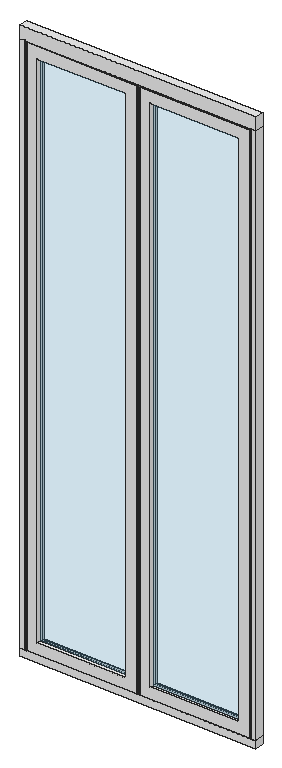
Revit family "Window-NanaWall-SL-45", category Windows, host Wall, Revit 2013 (continued)
Definition of nested family "Header_SL-45"
  Definition of nested family "Header_Nana_Walls-S45"
    Lines and regions (in)
      model lines, style "DetailComponents", in view "Ref. Level", visible <- "Half"
        curve 307: line (0.36221, -4.11417, 0) -> (0.34646, -4.11417, 0)
        curve 308: line (0.64961, -4.18898, 0) -> (0.64961, -4.05906, 0)
        curve 309: line (0.88583, -2.79528, 0) -> (0.88583, -4.17323, 0)
        curve 310: line (0.88583, -4.17323, 0) -> (0.83858, -4.17323, 0)
        curve 311: line (0.83858, -4.17323, 0) -> (0.83858, -4.18898, 0)
        curve 312: line (0.83858, -4.18898, 0) -> (0.68898, -4.18898, 0)
        curve 313: line (0.68898, -4.18898, 0) -> (0.68898, -4.10164, 0)
        curve 314: line (0.37469, -4.05034, 0) -> (0.33726, -4.09495, 0)
        curve 315: line (0.40158, -4.04331, 0) -> (0.38977, -4.04331, 0)
        curve 316: line (0.69128, -4.09607, 0) -> (0.70205, -4.0853, 0)
        curve 317: line (0.67649, -4.04792, 0) -> (0.70205, -4.07348, 0)
        curve 318: line (0.53937, -4.53543, 0) -> (0.53937, -4.90551, 0)
        curve 319: line (0.53937, -4.90551, 0) -> (0.83071, -4.90551, 0)
        curve 320: line (0.83071, -4.90551, 0) -> (0.83071, -4.23622, 0)
        curve 321: line (0.83071, -4.23622, 0) -> (0.69685, -4.23622, 0)
        curve 322: line (0.37402, -4.87402, 0) -> (0.37402, -4.96063, 0)
        curve 323: line (0.37402, -4.96063, 0) -> (0.88583, -4.96063, 0)
        curve 324: line (0.88583, -4.96063, 0) -> (0.88583, -4.17323, 0)
        curve 325: line (0.38583, -4.8622, 0) -> (0.41339, -4.8622, 0)
        curve 326: line (0.41339, -4.8622, 0) -> (0.41339, -4.90551, 0)
        curve 327: line (0.41339, -4.90551, 0) -> (0.49213, -4.90551, 0)
        curve 328: line (0.49213, -4.90551, 0) -> (0.49213, -4.53543, 0)
        curve 329: line (0.49213, -4.53543, 0) -> (0.41339, -4.53543, 0)
        curve 330: line (0.41339, -4.53543, 0) -> (0.41339, -4.58268, 0)
        curve 331: line (0.41339, -4.58268, 0) -> (0.38583, -4.58268, 0)
        curve 332: line (0.37402, -4.57087, 0) -> (0.37402, -4.25225, 0)
        curve 439: line (-0.30315, -3.23622, 0) -> (0.30315, -3.23622, 0)
        curve 440: line (-0.51181, -3.9685, 0) -> (-0.16535, -3.9685, 0)
        curve 441: line (-0.16535, -3.9685, 0) -> (-0.05329, -4.08057, 0)
        curve 442: line (-0.48031, -4.11417, 0) -> (-0.5315, -4.11417, 0)
        curve 443: line (-0.5315, -4.11417, 0) -> (-0.5315, -3.98819, 0)
        curve 444: line (-0.565, -4.1558, 0) -> (-0.58661, -3.9685, 0)
        curve 445: line (-0.58661, -3.9685, 0) -> (-0.8189, -3.9685, 0)
        curve 446: line (-0.8189, -3.9685, 0) -> (-0.8189, -4.49606, 0)
        curve 447: line (-0.8189, -4.49606, 0) -> (-0.74803, -4.49606, 0)
        curve 448: line (-0.38021, -2.79509, 0) -> (-0.39343, -2.84442, 0)
        curve 449: line (-0.68924, -2.84442, 0) -> (-0.70241, -2.79528, 0)
        curve 450: line (-0.14837, -3.90157, 0) -> (-0.80709, -3.90157, 0)
        curve 451: line (-0.80709, -3.90157, 0) -> (-0.80709, -3.23622, 0)
        curve 452: line (-0.80709, -3.23622, 0) -> (-0.68898, -3.23622, 0)
        curve 453: line (-0.68898, -3.23622, 0) -> (-0.68898, -3.20866, 0)
        curve 454: line (-0.33465, -2.98819, 0) -> (-0.79528, -2.98819, 0)
        curve 455: line (-0.72835, -3.16929, 0) -> (-0.81496, -3.16929, 0)
        curve 456: line (-0.81496, -3.16929, 0) -> (-0.81496, -3.05512, 0)
        curve 457: line (-0.81496, -3.05512, 0) -> (-0.32283, -3.05512, 0)
        curve 458: line (-0.32283, -3.05512, 0) -> (-0.32283, -3.21654, 0)
        curve 459: line (-0.81496, -2.9685, 0) -> (-0.81496, -2.85433, 0)
        curve 460: line (-0.81496, -2.85433, 0) -> (-0.69685, -2.85433, 0)
        curve 461: line (-0.38583, -2.85433, 0) -> (-0.31496, -2.85433, 0)
        curve 462: line (-0.31496, -2.85433, 0) -> (-0.31496, -2.9685, 0)
        curve 463: line (-0.25591, -2.81496, 0) -> (-0.25591, -3.14961, 0)
        curve 464: line (-0.88583, -2.79528, 0) -> (-0.88583, -4.96063, 0)
        curve 465: line (-0.88583, -4.96063, 0) -> (-0.70866, -4.96063, 0)
        curve 466: line (-0.70866, -4.96063, 0) -> (-0.70866, -4.8622, 0)
        curve 467: line (-0.70866, -4.8622, 0) -> (-0.74803, -4.8622, 0)
        curve 468: line (-0.74803, -4.8622, 0) -> (-0.74803, -4.90157, 0)
        curve 469: line (-0.74803, -4.90157, 0) -> (-0.82677, -4.90157, 0)
        curve 470: line (-0.82677, -4.90157, 0) -> (-0.82677, -4.54331, 0)
        curve 471: line (-0.82677, -4.54331, 0) -> (-0.74803, -4.54331, 0)
        curve 472: line (-0.74803, -4.54331, 0) -> (-0.74803, -4.58268, 0)
        curve 473: line (-0.74803, -4.58268, 0) -> (-0.70866, -4.58268, 0)
        curve 474: line (-0.70866, -4.58268, 0) -> (-0.70866, -4.53543, 0)
        curve 475: line (-0.54545, -4.17323, 0) -> (-0.48588, -4.17323, 0)
        curve 476: line (-0.48588, -4.17323, 0) -> (-0.47271, -4.12409, 0)
        curve 477: line (-0.06721, -4.11417, 0) -> (-0.1063, -4.11417, 0)
        curve 478: line (0.82677, -3.98819, 0) -> (0.82677, -4.11417, 0)
        curve 479: line (0.82677, -4.11417, 0) -> (0.69685, -4.11417, 0)
        curve 480: line (0.38583, -4.11417, 0) -> (0.32283, -4.11417, 0)
        curve 481: line (0.32283, -4.11417, 0) -> (0.32283, -3.98819, 0)
        curve 482: line (0.25197, -3.94094, 0) -> (0.25197, -4.10236, 0)
        curve 483: line (0.25197, -4.10236, 0) -> (0.06872, -4.10236, 0)
        curve 484: line (0.06872, -4.10236, 0) -> (-0.12053, -3.91311, 0)
        curve 485: line (0.68924, -2.84442, 0) -> (0.70241, -2.79528, 0)
        curve 486: line (0.38022, -2.79509, 0) -> (0.39343, -2.84442, 0)
        curve 487: line (0.68898, -3.20866, 0) -> (0.68898, -3.23622, 0)
        curve 488: line (0.68898, -3.23622, 0) -> (0.80709, -3.23622, 0)
        curve 489: line (0.80709, -3.23622, 0) -> (0.80709, -3.90157, 0)
        curve 490: line (0.80709, -3.90157, 0) -> (0.29134, -3.90157, 0)
        curve 491: line (0.34252, -3.9685, 0) -> (0.80709, -3.9685, 0)
        curve 492: line (0.33465, -2.98819, 0) -> (0.79528, -2.98819, 0)
        curve 493: line (0.72835, -3.16929, 0) -> (0.81496, -3.16929, 0)
        curve 494: line (0.81496, -3.16929, 0) -> (0.81496, -3.05512, 0)
        curve 495: line (0.81496, -3.05512, 0) -> (0.32283, -3.05512, 0)
        curve 496: line (0.32283, -3.05512, 0) -> (0.32283, -3.21654, 0)
        curve 497: line (0.25591, -2.81496, 0) -> (0.25591, -3.14961, 0)
        curve 498: line (0.23622, -3.16929, 0) -> (0.02046, -3.16929, 0)
        curve 499: line (0.02046, -3.16929, 0) -> (0, -3.1811, 0)
        curve 500: line (0, -3.1811, 0) -> (-0.02046, -3.16929, 0)
        curve 501: line (-0.02046, -3.16929, 0) -> (-0.23622, -3.16929, 0)
        curve 502: line (0.38583, -2.85433, 0) -> (0.31496, -2.85433, 0)
        curve 503: line (0.31496, -2.85433, 0) -> (0.31496, -2.9685, 0)
        curve 504: line (0.81496, -2.9685, 0) -> (0.81496, -2.85433, 0)
        curve 505: line (0.81496, -2.85433, 0) -> (0.69685, -2.85433, 0)
        curve 506: line (0.39343, -4.12409, 0) -> (0.38026, -4.17323, 0)
        curve 507: line (0.38026, -4.17323, 0) -> (0.03937, -4.17323, 0)
        curve 508: line (0.03937, -4.17323, 0) -> (0, -4.13386, 0)
        curve 509: line (0, -4.13386, 0) -> (-0.03937, -4.17323, 0)
        curve 510: line (-0.03937, -4.17323, 0) -> (-0.10074, -4.17323, 0)
        curve 511: line (-0.10074, -4.17323, 0) -> (-0.1139, -4.12409, 0)
        curve 512: line (0.68898, -4.12308, 0) -> (0.70241, -4.17323, 0)
Definition of nested family "Sill_SL-45"
  Parameters (values of type "Sill_SL-45")
    Width = 4' - 0"
    Sill = none
    Half = yes
    Assembly Code = ""
  Reference planes (in)
    plane 1 "Center (Front/Back)": y = 0
    plane 2: z = 0
    plane 3 "Center (Left/Right)": x = -7.30207
    plane 4 "Left": x = -31.30207
    plane 5 "Right": x = 16.69793
    plane 6 "Top": z = 0
  Forms (in)
    Sweep 1, solid, material <- "Sill"
      path origin (-67.09578, 180, 0) x (-1, 0, 0) y (0, -1, 0)
        loop
          line (-35.79371, 180) -> (-83.79371, 180)
      profile "Profile_Sill_SL-45 : Profile_Sill_SL-45" origin (-7.30207, 0, 0) x (0, 1, 0) y (0, 0, 1)
        loop
          line (0.88583, 0) -> (0.88583, 1.45669) -> (-0.88583, 1.45669) -> (-0.88583, 0) -> (0.88583, 0)
  Lines and regions (in)
    Masking region 1
      outline origin (0, 0, 0) x (1, 0, 0) y (0, 1, 0)
        loop
          line (-31.30207, 0.88583) -> (-31.30207, -0.88583) -> (16.69793, -0.88583) -> (16.69793, 0.88583) -> (-31.30207, 0.88583)
  Dimensions and locks (in)
    equal spacing: plane 4 "Left", plane 3 "Center (Left/Right)", plane 5 "Right"
    "Width": plane 4 "Left" to plane 5 "Right"
    aligned and locked: nested 1 to level
    aligned and locked: plane 1 "Center (Front/Back)" to nested 1
    aligned and locked: Masking region 1 sketch curve to plane 4 "Left"
    aligned and locked: Masking region 1 sketch curve to plane 5 "Right"
  Automatic sketch dimensions
    Sweep 1 sketch curve to plane 1 "Center (Front/Back)" = 0' - 0"
    Sweep 1 sketch curve to plane 5 "Right" = 0' - 0"
    Sweep 1 sketch curve to plane 4 "Left" = 0' - 0"
    Masking region 1 sketch curve to plane 1 "Center (Front/Back)" = 0' - 0.88583"
    plane 1 "Center (Front/Back)" to Masking region 1 sketch curve = 0' - 0.88583"
  Nested families (in)
    nested 1: "Sill-Nana_Walls-S45" at (-31.30207, 0, 0) x (0, -1, 0) z (-1, 0, 0), type "Sill-Nana_Walls-S45", detail levels fine
  Definition of nested family "Sill-Nana_Walls-S45"
    Parameters (values of type "Sill-Nana_Walls-S45")
      SmartBIM Object Version = 1  # constant formula
      SmartBIM Object Created By = "Reed Construction Data"  # constant formula
      Half = yes
      Assembly Code = ""
      95 CSI = ""
      04 CSI = ""
    Reference planes (in)
      plane 1 "Center (Front/Back)": y = 0
      plane 2: z = 0
      plane 3 "Center (Left/Right)": x = 0
    Lines and regions (in)
      model lines, style "DetailComponents", in view "Ref. Level", visible <- "Half"
        curve 1: arc (0.00591, 1.62696, 0) -> (0, 1.68078, 0) -> (-0.00591, 1.62696, 0) r 0.02723
        curve 2: arc (0.00587, 1.6186, 0) -> (0.00001, 1.68898, 0) -> (-0.00589, 1.6186, 0) r 0.03543
        curve 3: circle (0, 1.65354, 0) r 0.05906 normal (0, 0, 1)
        curve 4: arc (-0.00588, 1.61461, 0) -> (-0.00002, 1.61417, 0) -> (0.00585, 1.61461, 0) r 0.03937
        curve 6: line (0.28543, 1.29921, 0) -> (0.28543, 0.66929, 0)
        curve 7: line (0.28543, 0.66929, 0) -> (-0.28543, 0.66929, 0)
        curve 8: line (-0.28543, 0.66929, 0) -> (-0.28543, 1.29921, 0)
        curve 9: line (-0.23622, 0.66929, 0) -> (-0.19685, 0.62992, 0)
        curve 10: line (-0.19685, 0.62992, 0) -> (0.19685, 0.62992, 0)
        curve 11: line (0.19685, 0.62992, 0) -> (0.23622, 0.66929, 0)
        curve 12: line (0.3937, 1.37795, 0) -> (-0.3937, 1.37795, 0)
        curve 13: line (-0.09382, 1.65354, 0) -> (0.08733, 1.65354, 0)
        curve 14: line (-0.0689, 1.75197, 0) -> (0.0689, 1.75197, 0)
        curve 15: line (0.3937, 1.29921, 0) -> (-0.3937, 1.29921, 0)
        curve 16: line (-0.3937, 1.29921, 0) -> (-0.3937, 1.45669, 0)
        curve 17: line (-0.3937, 1.45669, 0) -> (-0.25591, 1.45669, 0)
        curve 18: line (-0.25591, 1.45669, 0) -> (-0.25591, 1.81102, 0)
        curve 19: line (-0.25591, 1.81102, 0) -> (-0.0689, 1.81102, 0)
        curve 20: line (-0.0689, 1.81102, 0) -> (-0.0689, 1.49606, 0)
        curve 21: line (-0.0689, 1.49606, 0) -> (0.0689, 1.49606, 0)
        curve 22: line (0.0689, 1.49606, 0) -> (0.0689, 1.81102, 0)
        curve 23: line (0.0689, 1.81102, 0) -> (0.25591, 1.81102, 0)
        curve 24: line (-0.15748, 1.81102, 0) -> (-0.15748, 1.83071, 0)
        curve 25: line (-0.12795, 1.81102, 0) -> (-0.12795, 1.83071, 0)
        curve 26: line (0.25591, 1.81102, 0) -> (0.25591, 1.45669, 0)
        curve 27: line (0.25591, 1.45669, 0) -> (0.3937, 1.45669, 0)
        curve 28: line (0.3937, 1.45669, 0) -> (0.3937, 1.29921, 0)
        curve 29: line (0.00591, 1.62696, 0) -> (0.00575, 1.59474, 0)
        curve 30: line (0.00575, 1.59474, 0) -> (-0.00584, 1.59474, 0)
        curve 31: line (-0.00584, 1.59474, 0) -> (-0.00591, 1.62696, 0)
        curve 32: line (0.12795, 1.81102, 0) -> (0.12795, 1.83071, 0)
        curve 33: line (0.15748, 1.81102, 0) -> (0.15748, 1.83071, 0)
        curve 34: arc (0.23763, 3.12385, 0) -> (0.25246, 3.09338, 0) -> (0.28249, 3.1091, 0) r 0.02362
        curve 35: arc (0.30969, 3.32317, 0) -> (0.30337, 3.373, 0) -> (0.25925, 3.39701, 0) r 0.05512
        curve 36: arc (0.25925, 3.44424, 0) -> (0.23622, 3.42063, 0) -> (0.25925, 3.39701, 0) r 0.02362
        curve 37: arc (0.25925, 3.44424, 0) -> (0.33888, 3.50499, 0) -> (0.30609, 3.59963, 0) r 0.08543
        curve 38: arc (0.27781, 3.70189, 0) -> (0.23892, 3.68056, 0) -> (0.25133, 3.63797, 0) r 0.03543
        curve 39: arc (-0.65062, 3.47815, 0) -> (-0.6138, 3.47974, 0) -> (-0.5779, 3.48802, 0) r 0.20101
        curve 40: arc (-0.59882, 3.68846, 0) -> (-0.65385, 3.66895, 0) -> (-0.70207, 3.63603, 0) r 0.22677
        curve 41: arc (-0.65062, 3.47815, 0) -> (-0.66515, 3.47274, 0) -> (-0.67126, 3.45849, 0) r 0.01969
        curve 42: arc (-0.75655, 3.40748, 0) -> (-0.76545, 3.44384, 0) -> (-0.79013, 3.47198, 0) r 0.07874
        curve 43: arc (-0.70079, 3.2126, 0) -> (-0.67929, 3.22204, 0) -> (-0.67126, 3.24409, 0) r 0.02987
        curve 44: arc (-0.79013, 3.30361, 0) -> (-0.76545, 3.33175, 0) -> (-0.75655, 3.36811, 0) r 0.07874
        curve 45: arc (-0.79968, 3.29692, 0) -> (-0.808, 3.28251, 0) -> (-0.80231, 3.26688, 0) r 0.01969
        curve 46: arc (-0.80231, 3.50871, 0) -> (-0.808, 3.49308, 0) -> (-0.79968, 3.47867, 0) r 0.01969
        curve 47: arc (-0.70207, 3.63603, 0) -> (-0.70679, 3.62971, 0) -> (-0.70865, 3.62205, 0) r 0.01969
        curve 48: arc (-0.55118, 3.64997, 0) -> (-0.56581, 3.68059, 0) -> (-0.59882, 3.68846, 0) r 0.03937
        curve 49: arc (-0.5779, 3.48802, 0) -> (-0.55855, 3.50237, 0) -> (-0.55118, 3.5253, 0) r 0.03937
        curve 50: line (0.27781, 3.70189, 0) -> (0.42126, 3.6766, 0)
        curve 51: line (0.42126, 3.6766, 0) -> (0.45276, 3.62205, 0)
        curve 52: line (0.45276, 3.62205, 0) -> (0.37402, 3.62205, 0)
        curve 53: line (0.37402, 3.62205, 0) -> (0.37402, 3.52362, 0)
        curve 54: line (0.30609, 3.59963, 0) -> (0.25133, 3.63797, 0)
        curve 55: line (0.37402, 3.52362, 0) -> (0.40551, 3.52362, 0)
        curve 56: line (0.40551, 3.52362, 0) -> (0.28249, 3.1091, 0)
        curve 57: line (0.23763, 3.12385, 0) -> (0.30969, 3.32317, 0)
        curve 58: line (-0.80231, 3.26688, 0) -> (-0.74803, 3.2126, 0)
        curve 59: line (-0.74803, 3.2126, 0) -> (-0.74803, 3.24409, 0)
        curve 60: line (-0.74803, 3.24409, 0) -> (-0.70866, 3.24409, 0)
        curve 61: line (-0.70866, 3.24409, 0) -> (-0.70866, 3.2126, 0)
        curve 62: line (-0.70866, 3.2126, 0) -> (-0.70079, 3.2126, 0)
        curve 63: line (-0.79013, 3.30361, 0) -> (-0.79968, 3.29692, 0)
        curve 64: line (-0.75655, 3.40748, 0) -> (-0.75655, 3.36811, 0)
        curve 65: line (-0.67126, 3.24409, 0) -> (-0.67126, 3.45849, 0)
        curve 66: line (-0.70866, 3.62205, 0) -> (-0.70866, 3.52362, 0)
        curve 67: line (-0.70866, 3.52362, 0) -> (-0.74803, 3.52362, 0)
        curve 68: line (-0.74803, 3.52362, 0) -> (-0.74803, 3.56299, 0)
        curve 69: line (-0.74803, 3.56299, 0) -> (-0.80231, 3.50871, 0)
        curve 70: line (-0.79968, 3.47867, 0) -> (-0.79013, 3.47198, 0)
        curve 71: line (-0.55118, 3.64997, 0) -> (-0.55118, 3.5253, 0)
        curve 72: line (0.49013, 1.55118, 0) -> (0.47753, 1.13426, 0)
        curve 73: line (0.52163, 1.55118, 0) -> (0.50767, 1.08558, 0)
        curve 74: line (0.54131, 1.55118, 0) -> (0.54131, 1.07656, 0)
        curve 75: line (0.561, 1.55118, 0) -> (0.57578, 1.05918, 0)
        curve 76: line (0.59249, 1.55118, 0) -> (0.6074, 1.05071, 0)
        curve 77: line (0.624, 1.55118, 0) -> (0.63891, 1.05041, 0)
        curve 78: line (0.45862, 1.55118, 0) -> (0.44696, 1.16545, 0)
        curve 79: line (0.39368, 1.55118, 0) -> (0.42123, 1.55118, 0)
        curve 80: line (0.42123, 1.55118, 0) -> (0.68895, 1.55118, 0)
        curve 81: line (0.68895, 1.55118, 0) -> (0.68895, 1.60236, 0)
        curve 82: line (0.68895, 1.60236, 0) -> (0.39368, 1.60236, 0)
        curve 83: line (0.39368, 1.60236, 0) -> (0.39368, 1.55118, 0)
        curve 84: line (-0.49013, 1.55118, 0) -> (-0.47753, 1.13426, 0)
        curve 85: line (-0.52163, 1.55118, 0) -> (-0.50767, 1.08558, 0)
        curve 86: line (-0.54131, 1.55118, 0) -> (-0.54131, 1.07656, 0)
        curve 87: line (-0.561, 1.55118, 0) -> (-0.57578, 1.05918, 0)
        curve 88: line (-0.59249, 1.55118, 0) -> (-0.6074, 1.05071, 0)
        curve 89: line (-0.624, 1.55118, 0) -> (-0.63891, 1.05041, 0)
        curve 90: line (-0.45862, 1.55118, 0) -> (-0.44696, 1.16545, 0)
        curve 91: line (-0.39368, 1.55118, 0) -> (-0.42123, 1.55118, 0)
        curve 92: line (-0.42123, 1.55118, 0) -> (-0.68895, 1.55118, 0)
        curve 93: line (-0.68895, 1.55118, 0) -> (-0.68895, 1.60236, 0)
        curve 94: line (-0.68895, 1.60236, 0) -> (-0.39368, 1.60236, 0)
        curve 95: line (-0.39368, 1.60236, 0) -> (-0.39368, 1.55118, 0)
        curve 96: arc (0.37469, 2.71176, 0) -> (0.38145, 2.70657, 0) -> (0.38977, 2.70472, 0) r 0.01969
        curve 97: arc (0.34646, 2.77559, 0) -> (0.3358, 2.76888, 0) -> (0.33726, 2.75637, 0) r 0.01181
        curve 98: arc (0.40157, 2.70472, 0) -> (0.41549, 2.71049, 0) -> (0.42126, 2.72441, 0) r 0.01969
        curve 99: arc (0.64961, 2.72047, 0) -> (0.65933, 2.70592, 0) -> (0.67649, 2.70934, 0) r 0.01575
        curve 100: arc (0.70205, 2.7349, 0) -> (0.70472, 2.74081, 0) -> (0.70205, 2.74672, 0) r 0.00787
        curve 101: arc (0.36825, 2.89975, 0) -> (0.37252, 2.90613, 0) -> (0.37402, 2.91367, 0) r 0.01969
        curve 102: arc (0.36403, 2.89553, 0) -> (0.35977, 2.88914, 0) -> (0.35827, 2.88161, 0) r 0.01969
        curve 103: arc (0.38583, 3.24409, 0) -> (0.37748, 3.24064, 0) -> (0.37402, 3.23228, 0) r 0.01181
        curve 104: arc (0.49213, 3.14961, 0) -> (0.52553, 3.16344, 0) -> (0.53937, 3.19685, 0) r 0.04724
        curve 105: arc (0.69685, 2.89764, 0) -> (0.66344, 2.8838, 0) -> (0.64961, 2.85039, 0) r 0.04724
        curve 106: arc (0.37402, 3.53543, 0) -> (0.37748, 3.52708, 0) -> (0.38583, 3.52362, 0) r 0.01181
        curve 107: arc (0.71848, 1.51575, 0) -> (0.7324, 1.52151, 0) -> (0.73816, 1.53543, 0) r 0.01969
        curve 108: arc (0.6299, 1.48819, 0) -> (0.64143, 1.46035, 0) -> (0.66927, 1.44882, 0) r 0.03937
        curve 109: arc (0.66139, 1.55118, 0) -> (0.63912, 1.54196, 0) -> (0.6299, 1.51969, 0) r 0.0315
        curve 110: arc (0.73816, 1.61811, 0) -> (0.7324, 1.63203, 0) -> (0.71848, 1.6378, 0) r 0.01969
        curve 111: arc (0.34446, 1.53543, 0) -> (0.35023, 1.52151, 0) -> (0.36415, 1.51575, 0) r 0.01969
        curve 112: arc (0.41336, 1.44882, 0) -> (0.4412, 1.46035, 0) -> (0.45273, 1.48819, 0) r 0.03937
        curve 113: arc (0.45273, 1.51969, 0) -> (0.44351, 1.54196, 0) -> (0.42123, 1.55118, 0) r 0.0315
        curve 114: arc (0.36415, 1.6378, 0) -> (0.35023, 1.63203, 0) -> (0.34446, 1.61811, 0) r 0.01969
        curve 115: arc (-0.73816, 1.53543, 0) -> (-0.7324, 1.52151, 0) -> (-0.71848, 1.51575, 0) r 0.01969
        curve 116: arc (-0.66927, 1.44882, 0) -> (-0.64143, 1.46035, 0) -> (-0.6299, 1.48819, 0) r 0.03937
        curve 117: arc (-0.6299, 1.51969, 0) -> (-0.63912, 1.54196, 0) -> (-0.66139, 1.55118, 0) r 0.0315
        curve 118: arc (-0.71848, 1.6378, 0) -> (-0.7324, 1.63203, 0) -> (-0.73816, 1.61811, 0) r 0.01969
        curve 119: arc (-0.36415, 1.51575, 0) -> (-0.35023, 1.52151, 0) -> (-0.34446, 1.53543, 0) r 0.01969
        curve 120: arc (-0.45273, 1.48819, 0) -> (-0.4412, 1.46035, 0) -> (-0.41336, 1.44882, 0) r 0.03937
        curve 121: arc (-0.42123, 1.55118, 0) -> (-0.44351, 1.54196, 0) -> (-0.45273, 1.51969, 0) r 0.0315
        curve 122: arc (-0.34446, 1.61811, 0) -> (-0.35023, 1.63203, 0) -> (-0.36415, 1.6378, 0) r 0.01969
        curve 189: arc (-0.27559, 1.45669, 0) -> (-0.26167, 1.46246, 0) -> (-0.25591, 1.47638, 0) r 0.01969
        curve 190: arc (-0.70241, 1.45669, 0) -> (-0.79412, 1.4626, 0) -> (-0.88583, 1.45669, 0) r 0.71502
        curve 191: arc (-0.27777, 1.45669, 0) -> (-0.32902, 1.4626, 0) -> (-0.38026, 1.45669, 0) r 0.22532
        curve 192: arc (-0.79528, 1.64961, 0) -> (-0.8092, 1.64384, 0) -> (-0.81496, 1.62992, 0) r 0.01969
        curve 193: arc (-0.68924, 1.50584, 0) -> (-0.6906, 1.51267, 0) -> (-0.69685, 1.51575, 0) r 0.00787
        curve 194: arc (-0.72835, 1.83071, 0) -> (-0.70051, 1.84224, 0) -> (-0.68898, 1.87008, 0) r 0.03937
        curve 195: arc (-0.30315, 1.89764, 0) -> (-0.31707, 1.89187, 0) -> (-0.32283, 1.87795, 0) r 0.01969
        curve 196: arc (-0.31496, 1.62992, 0) -> (-0.32073, 1.64384, 0) -> (-0.33465, 1.64961, 0) r 0.01969
        curve 197: arc (-0.38583, 1.51575, 0) -> (-0.39207, 1.51267, 0) -> (-0.39343, 1.50584, 0) r 0.00787
        curve 198: arc (-0.23622, 1.83071, 0) -> (-0.25014, 1.82494, 0) -> (-0.25591, 1.81102, 0) r 0.01969
        curve 199: arc (-0.5315, 2.64961, 0) -> (-0.52573, 2.63569, 0) -> (-0.51181, 2.62992, 0) r 0.01969
        curve 200: arc (-0.14837, 2.56299, 0) -> (-0.1333, 2.56599, 0) -> (-0.12053, 2.57452, 0) r 0.03937
        curve 201: arc (-0.74803, 3.15748, 0) -> (-0.72019, 3.16901, 0) -> (-0.70866, 3.19685, 0) r 0.03937
        curve 202: arc (-0.48031, 2.77559, 0) -> (-0.47407, 2.77867, 0) -> (-0.47271, 2.7855, 0) r 0.00787
        curve 203: arc (-0.54545, 2.83465, 0) -> (-0.55855, 2.82966, 0) -> (-0.565, 2.81722, 0) r 0.01969
        curve 204: arc (-0.1139, 2.7855, 0) -> (-0.11255, 2.77867, 0) -> (-0.1063, 2.77559, 0) r 0.00787
        curve 205: arc (-0.05329, 2.74199, 0) -> (-0.04902, 2.76344, 0) -> (-0.06721, 2.77559, 0) r 0.01969
        curve 206: arc (0.25591, 1.47638, 0) -> (0.26167, 1.46246, 0) -> (0.27559, 1.45669, 0) r 0.01969
        curve 207: arc (0.38026, 1.45669, 0) -> (0.32902, 1.4626, 0) -> (0.27777, 1.45669, 0) r 0.22532
        curve 208: arc (0.88583, 1.45669, 0) -> (0.79412, 1.4626, 0) -> (0.70241, 1.45669, 0) r 0.71502
        curve 209: arc (0.25591, 1.81102, 0) -> (0.25014, 1.82494, 0) -> (0.23622, 1.83071, 0) r 0.01969
        curve 210: arc (0.39343, 1.50584, 0) -> (0.39207, 1.51267, 0) -> (0.38583, 1.51575, 0) r 0.00787
        curve 211: arc (0.33465, 1.64961, 0) -> (0.32073, 1.64384, 0) -> (0.31496, 1.62992, 0) r 0.01969
        curve 212: arc (0.32283, 1.87795, 0) -> (0.31707, 1.89187, 0) -> (0.30315, 1.89764, 0) r 0.01969
        curve 213: arc (0.25197, 2.60236, 0) -> (0.2635, 2.57452, 0) -> (0.29134, 2.56299, 0) r 0.03937
        curve 214: arc (0.32283, 2.64961, 0) -> (0.3286, 2.63569, 0) -> (0.34252, 2.62992, 0) r 0.01969
        curve 215: arc (0.69685, 1.51575, 0) -> (0.6906, 1.51267, 0) -> (0.68924, 1.50584, 0) r 0.00787
        curve 216: arc (0.81496, 1.62992, 0) -> (0.8092, 1.64384, 0) -> (0.79528, 1.64961, 0) r 0.01969
        curve 217: arc (0.68898, 1.87008, 0) -> (0.70051, 1.84224, 0) -> (0.72835, 1.83071, 0) r 0.03937
        curve 218: arc (0.80709, 2.62992, 0) -> (0.82101, 2.63569, 0) -> (0.82677, 2.64961, 0) r 0.01969
        curve 219: arc (0.38583, 2.77559, 0) -> (0.39207, 2.77867, 0) -> (0.39343, 2.7855, 0) r 0.00787
        curve 220: arc (0.70241, 2.83465, 0) -> (0.79412, 2.82874, 0) -> (0.88583, 2.83465, 0) r 0.71502
        curve 221: arc (0.68898, 2.78346, 0) -> (0.69128, 2.7779, 0) -> (0.69685, 2.77559, 0) r 0.00787
        curve 222: line (0.49213, 3.14961, 0) -> (0.42126, 3.14961, 0)
        curve 223: line (0.42126, 3.14961, 0) -> (0.42126, 2.72441, 0)
        curve 224: line (0.35827, 2.88161, 0) -> (0.35827, 2.85039, 0)
        curve 225: line (0.35827, 2.85039, 0) -> (0.38189, 2.85039, 0)
        curve 226: line (0.38189, 2.85039, 0) -> (0.38189, 2.76378, 0)
        curve 227: line (0.38189, 2.76378, 0) -> (0.3622, 2.76378, 0)
        curve 228: line (0.3622, 2.76378, 0) -> (0.3622, 2.77559, 0)
        curve 229: line (0.3622, 2.77559, 0) -> (0.34646, 2.77559, 0)
        curve 230: line (0.64961, 2.85039, 0) -> (0.64961, 2.72047, 0)
        curve 231: line (0.88583, 1.45669, 0) -> (0.88583, 2.83465, 0)
        curve 232: line (0.88583, 2.83465, 0) -> (0.83858, 2.83465, 0)
        curve 233: line (0.83858, 2.83465, 0) -> (0.83858, 2.85039, 0)
        curve 234: line (0.83858, 2.85039, 0) -> (0.68898, 2.85039, 0)
        curve 235: line (0.68898, 2.85039, 0) -> (0.68898, 2.76306, 0)
        curve 236: line (0.37469, 2.71176, 0) -> (0.33726, 2.75637, 0)
        curve 237: line (0.40157, 2.70472, 0) -> (0.38977, 2.70472, 0)
        curve 238: line (0.69128, 2.75749, 0) -> (0.70205, 2.74672, 0)
        curve 239: line (0.67649, 2.70934, 0) -> (0.70205, 2.7349, 0)
        curve 240: line (0.53937, 3.19685, 0) -> (0.53937, 3.56693, 0)
        curve 241: line (0.53937, 3.56693, 0) -> (0.83071, 3.56693, 0)
        curve 242: line (0.83071, 3.56693, 0) -> (0.83071, 2.89764, 0)
        curve 243: line (0.83071, 2.89764, 0) -> (0.69685, 2.89764, 0)
        curve 244: line (0.37402, 3.53543, 0) -> (0.37402, 3.62205, 0)
        curve 245: line (0.37402, 3.62205, 0) -> (0.88583, 3.62205, 0)
        curve 246: line (0.88583, 3.62205, 0) -> (0.88583, 2.83465, 0)
        curve 247: line (0.38583, 3.52362, 0) -> (0.41339, 3.52362, 0)
        curve 248: line (0.41339, 3.52362, 0) -> (0.41339, 3.56693, 0)
        curve 249: line (0.41339, 3.56693, 0) -> (0.49213, 3.56693, 0)
        curve 250: line (0.49213, 3.56693, 0) -> (0.49213, 3.19685, 0)
        curve 251: line (0.49213, 3.19685, 0) -> (0.41339, 3.19685, 0)
        curve 252: line (0.41339, 3.19685, 0) -> (0.41339, 3.24409, 0)
        curve 253: line (0.41339, 3.24409, 0) -> (0.38583, 3.24409, 0)
        curve 254: line (0.37402, 3.23228, 0) -> (0.37402, 2.91367, 0)
        curve 255: line (0.71848, 1.6378, 0) -> (0.36415, 1.6378, 0)
        curve 256: line (0.42123, 1.55118, 0) -> (0.39368, 1.55118, 0)
        curve 257: line (0.39368, 1.55118, 0) -> (0.39368, 1.60236, 0)
        curve 258: line (0.39368, 1.60236, 0) -> (0.68895, 1.60236, 0)
        curve 259: line (0.68895, 1.60236, 0) -> (0.68895, 1.55118, 0)
        curve 260: line (0.68895, 1.55118, 0) -> (0.66139, 1.55118, 0)
        curve 261: line (0.73816, 1.61811, 0) -> (0.73816, 1.53543, 0)
        curve 262: line (0.71848, 1.51575, 0) -> (0.67911, 1.51575, 0)
        curve 263: line (0.67911, 1.51575, 0) -> (0.69704, 1.44882, 0)
        curve 264: line (0.69704, 1.44882, 0) -> (0.66927, 1.44882, 0)
        curve 265: line (0.6299, 1.51969, 0) -> (0.6299, 1.48819, 0)
        curve 266: line (0.34446, 1.53543, 0) -> (0.34446, 1.61811, 0)
        curve 267: line (0.41336, 1.44882, 0) -> (0.38558, 1.44882, 0)
        curve 268: line (0.38558, 1.44882, 0) -> (0.40352, 1.51575, 0)
        curve 269: line (0.40352, 1.51575, 0) -> (0.36415, 1.51575, 0)
        curve 270: line (0.45273, 1.48819, 0) -> (0.45273, 1.51969, 0)
        curve 271: line (-0.71848, 1.6378, 0) -> (-0.36415, 1.6378, 0)
        curve 272: line (-0.42123, 1.55118, 0) -> (-0.39368, 1.55118, 0)
        curve 273: line (-0.39368, 1.55118, 0) -> (-0.39368, 1.60236, 0)
        curve 274: line (-0.39368, 1.60236, 0) -> (-0.68895, 1.60236, 0)
        curve 275: line (-0.68895, 1.60236, 0) -> (-0.68895, 1.55118, 0)
        curve 276: line (-0.68895, 1.55118, 0) -> (-0.66139, 1.55118, 0)
        curve 277: line (-0.73816, 1.61811, 0) -> (-0.73816, 1.53543, 0)
        curve 278: line (-0.71848, 1.51575, 0) -> (-0.67911, 1.51575, 0)
        curve 279: line (-0.67911, 1.51575, 0) -> (-0.69704, 1.44882, 0)
        curve 280: line (-0.69704, 1.44882, 0) -> (-0.66927, 1.44882, 0)
        curve 281: line (-0.6299, 1.51969, 0) -> (-0.6299, 1.48819, 0)
        curve 282: line (-0.34446, 1.53543, 0) -> (-0.34446, 1.61811, 0)
        curve 283: line (-0.41336, 1.44882, 0) -> (-0.38558, 1.44882, 0)
        curve 284: line (-0.38558, 1.44882, 0) -> (-0.40352, 1.51575, 0)
        curve 285: line (-0.40352, 1.51575, 0) -> (-0.36415, 1.51575, 0)
        curve 286: line (-0.45273, 1.48819, 0) -> (-0.45273, 1.51969, 0)
        curve 368: line (-0.30315, 1.89764, 0) -> (0.30315, 1.89764, 0)
        curve 369: line (-0.51181, 2.62992, 0) -> (-0.16535, 2.62992, 0)
        curve 370: line (-0.16535, 2.62992, 0) -> (-0.05329, 2.74199, 0)
        curve 371: line (-0.48031, 2.77559, 0) -> (-0.5315, 2.77559, 0)
        curve 372: line (-0.5315, 2.77559, 0) -> (-0.5315, 2.64961, 0)
        curve 373: line (-0.565, 2.81722, 0) -> (-0.58661, 2.62992, 0)
        curve 374: line (-0.58661, 2.62992, 0) -> (-0.8189, 2.62992, 0)
        curve 375: line (-0.8189, 2.62992, 0) -> (-0.8189, 3.15748, 0)
        curve 376: line (-0.8189, 3.15748, 0) -> (-0.74803, 3.15748, 0)
        curve 377: line (-0.38026, 1.45669, 0) -> (-0.39343, 1.50584, 0)
        curve 378: line (-0.68924, 1.50584, 0) -> (-0.70241, 1.45669, 0)
        curve 379: line (-0.14837, 2.56299, 0) -> (-0.80709, 2.56299, 0)
        curve 380: line (-0.80709, 2.56299, 0) -> (-0.80709, 1.89764, 0)
        curve 381: line (-0.80709, 1.89764, 0) -> (-0.68898, 1.89764, 0)
        curve 382: line (-0.68898, 1.89764, 0) -> (-0.68898, 1.87008, 0)
        curve 383: line (-0.33465, 1.64961, 0) -> (-0.79528, 1.64961, 0)
        curve 384: line (-0.72835, 1.83071, 0) -> (-0.81496, 1.83071, 0)
        curve 385: line (-0.81496, 1.83071, 0) -> (-0.81496, 1.71654, 0)
        curve 386: line (-0.81496, 1.71654, 0) -> (-0.32283, 1.71654, 0)
        curve 387: line (-0.32283, 1.71654, 0) -> (-0.32283, 1.87795, 0)
        curve 388: line (-0.81496, 1.62992, 0) -> (-0.81496, 1.51575, 0)
        curve 389: line (-0.81496, 1.51575, 0) -> (-0.69685, 1.51575, 0)
        curve 390: line (-0.38583, 1.51575, 0) -> (-0.31496, 1.51575, 0)
        curve 391: line (-0.31496, 1.51575, 0) -> (-0.31496, 1.62992, 0)
        curve 392: line (-0.25591, 1.47638, 0) -> (-0.25591, 1.81102, 0)
        curve 393: line (-0.88583, 1.45669, 0) -> (-0.88583, 3.62205, 0)
        curve 394: line (-0.88583, 3.62205, 0) -> (-0.70866, 3.62205, 0)
        curve 395: line (-0.70866, 3.62205, 0) -> (-0.70866, 3.52362, 0)
        curve 396: line (-0.70866, 3.52362, 0) -> (-0.74803, 3.52362, 0)
        curve 397: line (-0.74803, 3.52362, 0) -> (-0.74803, 3.56299, 0)
        curve 398: line (-0.74803, 3.56299, 0) -> (-0.82677, 3.56299, 0)
        curve 399: line (-0.82677, 3.56299, 0) -> (-0.82677, 3.20472, 0)
        curve 400: line (-0.82677, 3.20472, 0) -> (-0.74803, 3.20472, 0)
        curve 401: line (-0.74803, 3.20472, 0) -> (-0.74803, 3.24409, 0)
        curve 402: line (-0.74803, 3.24409, 0) -> (-0.70866, 3.24409, 0)
        curve 403: line (-0.70866, 3.24409, 0) -> (-0.70866, 3.19685, 0)
        curve 404: line (-0.54545, 2.83465, 0) -> (-0.48588, 2.83465, 0)
        curve 405: line (-0.48588, 2.83465, 0) -> (-0.47271, 2.7855, 0)
        curve 406: line (-0.06721, 2.77559, 0) -> (-0.1063, 2.77559, 0)
        curve 407: line (0.82677, 2.64961, 0) -> (0.82677, 2.77559, 0)
        curve 408: line (0.82677, 2.77559, 0) -> (0.69685, 2.77559, 0)
        curve 409: line (0.38583, 2.77559, 0) -> (0.32283, 2.77559, 0)
        curve 410: line (0.32283, 2.77559, 0) -> (0.32283, 2.64961, 0)
        curve 411: line (0.25197, 2.60236, 0) -> (0.25197, 2.76378, 0)
        curve 412: line (0.25197, 2.76378, 0) -> (0.06872, 2.76378, 0)
        curve 413: line (0.06872, 2.76378, 0) -> (-0.12053, 2.57452, 0)
        curve 414: line (0.68924, 1.50584, 0) -> (0.70241, 1.45669, 0)
        curve 415: line (0.38026, 1.45669, 0) -> (0.39343, 1.50584, 0)
        curve 416: line (0.68898, 1.87008, 0) -> (0.68898, 1.89764, 0)
        curve 417: line (0.68898, 1.89764, 0) -> (0.80709, 1.89764, 0)
        curve 418: line (0.80709, 1.89764, 0) -> (0.80709, 2.56299, 0)
        curve 419: line (0.80709, 2.56299, 0) -> (0.29134, 2.56299, 0)
        curve 420: line (0.34252, 2.62992, 0) -> (0.80709, 2.62992, 0)
        curve 421: line (0.33465, 1.64961, 0) -> (0.79528, 1.64961, 0)
        curve 422: line (0.72835, 1.83071, 0) -> (0.81496, 1.83071, 0)
        curve 423: line (0.81496, 1.83071, 0) -> (0.81496, 1.71654, 0)
        curve 424: line (0.81496, 1.71654, 0) -> (0.32283, 1.71654, 0)
        curve 425: line (0.32283, 1.71654, 0) -> (0.32283, 1.87795, 0)
        curve 426: line (0.25591, 1.47638, 0) -> (0.25591, 1.81102, 0)
        curve 427: line (0.23622, 1.83071, 0) -> (0.02046, 1.83071, 0)
        curve 428: line (0.02046, 1.83071, 0) -> (0, 1.84252, 0)
        curve 429: line (0, 1.84252, 0) -> (-0.02046, 1.83071, 0)
        curve 430: line (-0.02046, 1.83071, 0) -> (-0.23622, 1.83071, 0)
        curve 431: line (0.38583, 1.51575, 0) -> (0.31496, 1.51575, 0)
        curve 432: line (0.31496, 1.51575, 0) -> (0.31496, 1.62992, 0)
        curve 433: line (0.81496, 1.62992, 0) -> (0.81496, 1.51575, 0)
        curve 434: line (0.81496, 1.51575, 0) -> (0.69685, 1.51575, 0)
        curve 435: line (0.39343, 2.7855, 0) -> (0.38026, 2.83465, 0)
        curve 436: line (0.38026, 2.83465, 0) -> (0.03937, 2.83465, 0)
        curve 437: line (0.03937, 2.83465, 0) -> (0, 2.79528, 0)
        curve 438: line (0, 2.79528, 0) -> (-0.03937, 2.83465, 0)
        curve 439: line (-0.03937, 2.83465, 0) -> (-0.10074, 2.83465, 0)
        curve 440: line (-0.10074, 2.83465, 0) -> (-0.1139, 2.7855, 0)
        curve 441: line (0.68898, 2.7845, 0) -> (0.70241, 2.83465, 0)
      model lines, style "DetailComponents", in view "Ref. Level"
        curve 5: line (0, 0.59472, 0) -> (0, 1.92328, 0)
        curve 123: arc (-0.81496, 0.35618, 0) -> (-0.80864, 0.34173, 0) -> (-0.79373, 0.33656, 0) r 0.01969
        curve 124: arc (-0.79682, 0.25733, 0) -> (-0.80973, 0.25107, 0) -> (-0.81496, 0.23771, 0) r 0.01969
        curve 125: arc (-0.16929, 0.24284, 0) -> (-0.18826, 0.2862, 0) -> (-0.23298, 0.30171, 0) r 0.05906
        curve 126: arc (0.22371, 0.33765, 0) -> (0.18498, 0.31886, 0) -> (0.16929, 0.27878, 0) r 0.05906
        curve 127: arc (0.81496, 0.36289, 0) -> (0.80864, 0.37734, 0) -> (0.79373, 0.38251, 0) r 0.01969
        curve 128: arc (0.79682, 0.46174, 0) -> (0.80973, 0.468, 0) -> (0.81496, 0.48136, 0) r 0.01969
        curve 129: arc (-0.66756, 0.7846, 0) -> (-0.63411, 0.7714, 0) -> (-0.60388, 0.79089, 0) r 0.03937
        curve 130: arc (-0.70471, 0.92961, 0) -> (-0.70349, 0.85266, 0) -> (-0.66756, 0.7846, 0) r 0.16535
        curve 131: arc (-0.84206, 0.99598, 0) -> (-0.87362, 0.97489, 0) -> (-0.88583, 0.93894, 0) r 0.05906
        curve 132: arc (-0.70471, 0.92961, 0) -> (-0.71031, 0.9481, 0) -> (-0.72902, 0.9529, 0) r 0.01969
        curve 133: arc (-0.80037, 0.93378, 0) -> (-0.81089, 0.92675, 0) -> (-0.81496, 0.91477, 0) r 0.01969
        curve 134: arc (-0.3937, 1.1811, 0) -> (-0.46073, 1.15475, 0) -> (-0.49187, 1.08981, 0) r 0.09843
        curve 135: arc (-0.29528, 1.08268, 0) -> (-0.3241, 1.15227, 0) -> (-0.3937, 1.1811, 0) r 0.09843
        curve 136: arc (-0.33465, 1.00394, 0) -> (-0.32888, 0.99002, 0) -> (-0.31496, 0.98425, 0) r 0.01969
        curve 137: arc (-0.33465, 1.04515, 0) -> (-0.34235, 1.06077, 0) -> (-0.35943, 1.06416, 0) r 0.01969
        curve 138: arc (-0.33465, 0.75152, 0) -> (-0.34041, 0.76544, 0) -> (-0.35433, 0.77121, 0) r 0.01969
        curve 139: arc (-0.33465, 0.68898, 0) -> (-0.32888, 0.67506, 0) -> (-0.31496, 0.66929, 0) r 0.01969
        curve 140: arc (-0.29528, 0.79089, 0) -> (-0.31257, 0.83265, 0) -> (-0.35433, 0.84995, 0) r 0.05906
        curve 141: arc (-0.46201, 0.84555, 0) -> (-0.44882, 0.8937, 0) -> (-0.46201, 0.94185, 0) r 0.09449
        curve 142: arc (-0.6246, 0.94185, 0) -> (-0.6378, 0.8937, 0) -> (-0.6246, 0.84555, 0) r 0.09449
        curve 143: arc (-0.37936, 0.87219, 0) -> (-0.38757, 0.94927, 0) -> (-0.43001, 1.01414, 0) r 0.16535
        curve 144: arc (-0.4932, 0.84359, 0) -> (-0.50007, 0.82837, 0) -> (-0.49515, 0.8124, 0) r 0.02362
        curve 145: arc (-0.59146, 0.8124, 0) -> (-0.58654, 0.82837, 0) -> (-0.59342, 0.84359, 0) r 0.02362
        curve 146: arc (-0.59342, 0.84359, 0) -> (-0.60864, 0.85046, 0) -> (-0.6246, 0.84555, 0) r 0.02362
        curve 147: arc (-0.37936, 0.87219, 0) -> (-0.37464, 0.85665, 0) -> (-0.35984, 0.84995, 0) r 0.01969
        curve 148: arc (-0.48273, 0.79089, 0) -> (-0.46832, 0.77648, 0) -> (-0.44864, 0.77121, 0) r 0.03937
        curve 149: arc (-0.46201, 0.84555, 0) -> (-0.47797, 0.85046, 0) -> (-0.4932, 0.84359, 0) r 0.02362
        curve 150: arc (-0.49515, 0.975, 0) -> (-0.51834, 0.98483, 0) -> (-0.54331, 0.98819, 0) r 0.09449
        curve 151: arc (-0.49515, 0.975, 0) -> (-0.50007, 0.95903, 0) -> (-0.4932, 0.94381, 0) r 0.02362
        curve 152: arc (-0.54331, 0.98819, 0) -> (-0.56827, 0.98483, 0) -> (-0.59146, 0.975, 0) r 0.09449
        curve 153: arc (-0.6246, 0.94185, 0) -> (-0.60864, 0.93694, 0) -> (-0.59342, 0.94381, 0) r 0.02362
        curve 154: arc (-0.59342, 0.94381, 0) -> (-0.58654, 0.95903, 0) -> (-0.59146, 0.975, 0) r 0.02362
        curve 155: arc (-0.42162, 1.0475, 0) -> (-0.43562, 1.03329, 0) -> (-0.43001, 1.01414, 0) r 0.01969
        curve 156: arc (-0.4932, 0.94381, 0) -> (-0.47797, 0.93694, 0) -> (-0.46201, 0.94185, 0) r 0.02362
        curve 157: arc (-0.31496, 0.66929, 0) -> (-0.30104, 0.67506, 0) -> (-0.29528, 0.68898, 0) r 0.01969
        curve 158: arc (-0.31496, 0.98425, 0) -> (-0.30104, 0.99002, 0) -> (-0.29528, 1.00394, 0) r 0.01969
        curve 159: arc (0.6246, 0.84555, 0) -> (0.6378, 0.8937, 0) -> (0.6246, 0.94185, 0) r 0.09449
        curve 160: arc (0.60388, 0.79089, 0) -> (0.63411, 0.7714, 0) -> (0.66756, 0.7846, 0) r 0.03937
        curve 161: arc (0.3937, 1.1811, 0) -> (0.3241, 1.15227, 0) -> (0.29528, 1.08268, 0) r 0.09843
        curve 162: arc (0.49187, 1.08981, 0) -> (0.46073, 1.15475, 0) -> (0.3937, 1.1811, 0) r 0.09843
        curve 163: arc (0.29528, 1.00394, 0) -> (0.30104, 0.99002, 0) -> (0.31496, 0.98425, 0) r 0.01969
        curve 164: arc (0.35433, 0.84995, 0) -> (0.31257, 0.83265, 0) -> (0.29528, 0.79089, 0) r 0.05906
        curve 165: arc (0.29528, 0.68898, 0) -> (0.30104, 0.67506, 0) -> (0.31496, 0.66929, 0) r 0.01969
        curve 166: arc (0.46201, 0.94185, 0) -> (0.44882, 0.8937, 0) -> (0.46201, 0.84555, 0) r 0.09449
        curve 167: arc (0.43001, 1.01414, 0) -> (0.38757, 0.94927, 0) -> (0.37936, 0.87219, 0) r 0.16535
        curve 168: arc (0.4932, 0.84359, 0) -> (0.47797, 0.85046, 0) -> (0.46201, 0.84555, 0) r 0.02362
        curve 169: arc (0.44864, 0.77121, 0) -> (0.46832, 0.77648, 0) -> (0.48273, 0.79089, 0) r 0.03937
        curve 170: arc (0.35984, 0.84995, 0) -> (0.37464, 0.85665, 0) -> (0.37936, 0.87219, 0) r 0.01969
        curve 171: arc (0.35433, 0.77121, 0) -> (0.34041, 0.76544, 0) -> (0.33465, 0.75152, 0) r 0.01969
        curve 172: arc (0.31496, 0.66929, 0) -> (0.32888, 0.67506, 0) -> (0.33465, 0.68898, 0) r 0.01969
        curve 173: arc (0.6246, 0.84555, 0) -> (0.60864, 0.85046, 0) -> (0.59342, 0.84359, 0) r 0.02362
        curve 174: arc (0.49515, 0.8124, 0) -> (0.50007, 0.82837, 0) -> (0.4932, 0.84359, 0) r 0.02362
        curve 175: arc (0.59342, 0.84359, 0) -> (0.58654, 0.82837, 0) -> (0.59146, 0.8124, 0) r 0.02362
        curve 176: arc (0.46201, 0.94185, 0) -> (0.47797, 0.93694, 0) -> (0.4932, 0.94381, 0) r 0.02362
        curve 177: arc (0.43001, 1.01414, 0) -> (0.43562, 1.03329, 0) -> (0.42162, 1.0475, 0) r 0.01969
        curve 178: arc (0.35943, 1.06416, 0) -> (0.34235, 1.06077, 0) -> (0.33465, 1.04515, 0) r 0.01969
        curve 179: arc (0.31496, 0.98425, 0) -> (0.32888, 0.99002, 0) -> (0.33465, 1.00394, 0) r 0.01969
        curve 180: arc (0.54331, 0.98819, 0) -> (0.51834, 0.98483, 0) -> (0.49515, 0.975, 0) r 0.09449
        curve 181: arc (0.59146, 0.975, 0) -> (0.56827, 0.98483, 0) -> (0.54331, 0.98819, 0) r 0.09449
        curve 182: arc (0.59342, 0.94381, 0) -> (0.60864, 0.93694, 0) -> (0.6246, 0.94185, 0) r 0.02362
        curve 183: arc (0.4932, 0.94381, 0) -> (0.50007, 0.95903, 0) -> (0.49515, 0.975, 0) r 0.02362
        curve 184: arc (0.59146, 0.975, 0) -> (0.58654, 0.95903, 0) -> (0.59342, 0.94381, 0) r 0.02362
        curve 185: arc (0.66756, 0.7846, 0) -> (0.70349, 0.85266, 0) -> (0.70471, 0.92961, 0) r 0.16535
        curve 186: arc (0.72902, 0.9529, 0) -> (0.71031, 0.9481, 0) -> (0.70471, 0.92961, 0) r 0.01969
        curve 187: arc (0.81496, 0.91477, 0) -> (0.81089, 0.92675, 0) -> (0.80037, 0.93378, 0) r 0.01969
        curve 188: arc (0.88583, 0.93894, 0) -> (0.87362, 0.97489, 0) -> (0.84206, 0.99598, 0) r 0.05906
        curve 287: line (0.81496, 0.48136, 0) -> (0.81496, 0.91477, 0)
        curve 288: line (-0.81496, 0.35618, 0) -> (-0.81496, 0.91477, 0)
        curve 289: line (-0.23298, 0.30171, 0) -> (-0.79682, 0.25733, 0)
        curve 290: line (-0.88583, 0.93894, 0) -> (-0.88583, 0, 0)
        curve 291: line (-0.88583, 0, 0) -> (-0.7048, 0, 0)
        curve 292: line (-0.7048, 0, 0) -> (-0.68898, 0.05906, 0)
        curve 293: line (-0.68898, 0.05906, 0) -> (-0.81496, 0.05906, 0)
        curve 294: line (-0.81496, 0.05906, 0) -> (-0.81496, 0.23771, 0)
        curve 295: line (-0.70819, 0, 0) -> (-0.70356, 0.00463, 0)
        curve 296: line (-0.37788, 0, 0) -> (-0.3937, 0.05906, 0)
        curve 297: line (-0.3937, 0.05906, 0) -> (-0.16929, 0.05906, 0)
        curve 298: line (-0.16929, 0.05906, 0) -> (-0.16929, 0.24284, 0)
        curve 299: line (0.22371, 0.33765, 0) -> (0.79373, 0.38251, 0)
        curve 300: line (0.79682, 0.46174, 0) -> (0.02274, 0.40082, 0)
        curve 301: line (0.02274, 0.40082, 0) -> (0, 0.38769, 0)
        curve 302: line (0, 0.38769, 0) -> (-0.01728, 0.39767, 0)
        curve 303: line (-0.01728, 0.39767, 0) -> (-0.79373, 0.33656, 0)
        curve 304: line (-0.37788, 0, 0) -> (-0.09843, 0, 0)
        curve 305: line (-0.09843, 0, 0) -> (-0.09843, 0.25591, 0)
        curve 306: line (-0.09843, 0.25591, 0) -> (-0.0341, 0.25591, 0)
        curve 307: line (-0.0341, 0.25591, 0) -> (0, 0.27559, 0)
        curve 308: line (0, 0.27559, 0) -> (0.0341, 0.25591, 0)
        curve 309: line (0.0341, 0.25591, 0) -> (0.09843, 0.25591, 0)
        curve 310: line (0.09843, 0.25591, 0) -> (0.09843, 0, 0)
        curve 311: line (0.09843, 0, 0) -> (0.37788, 0, 0)
        curve 312: line (0.37788, 0, 0) -> (0.3937, 0.05906, 0)
        curve 313: line (0.3937, 0.05906, 0) -> (0.16929, 0.05906, 0)
        curve 314: line (0.16929, 0.05906, 0) -> (0.16929, 0.27878, 0)
        curve 315: line (0.88583, 0.93894, 0) -> (0.88583, 0, 0)
        curve 316: line (0.88583, 0, 0) -> (0.7048, 0, 0)
        curve 317: line (0.7048, 0, 0) -> (0.68898, 0.05906, 0)
        curve 318: line (0.68898, 0.05906, 0) -> (0.81496, 0.05906, 0)
        curve 319: line (0.81496, 0.05906, 0) -> (0.81496, 0.36289, 0)
        curve 320: line (-0.84206, 0.99598, 0) -> (-0.83071, 0.99902, 0)
        curve 321: line (-0.83071, 0.99902, 0) -> (-0.83071, 0.99087, 0)
        curve 322: line (-0.83071, 0.99087, 0) -> (-0.77559, 1.00564, 0)
        curve 323: line (-0.77559, 1.00564, 0) -> (-0.77559, 1.01379, 0)
        curve 324: line (-0.77559, 1.01379, 0) -> (-0.72047, 1.02856, 0)
        curve 325: line (-0.72047, 1.02856, 0) -> (-0.72047, 1.02041, 0)
        curve 326: line (-0.72047, 1.02041, 0) -> (-0.66535, 1.03518, 0)
        curve 327: line (-0.66535, 1.03518, 0) -> (-0.66535, 1.04333, 0)
        curve 328: line (-0.66535, 1.04333, 0) -> (-0.61024, 1.0581, 0)
        curve 329: line (-0.61024, 1.0581, 0) -> (-0.61024, 1.04994, 0)
        curve 330: line (-0.61024, 1.04994, 0) -> (-0.55512, 1.06471, 0)
        curve 331: line (-0.55512, 1.06471, 0) -> (-0.55512, 1.07287, 0)
        curve 332: line (-0.55512, 1.07287, 0) -> (-0.49187, 1.08981, 0)
        curve 333: line (-0.72902, 0.9529, 0) -> (-0.80037, 0.93378, 0)
        curve 334: line (-0.59146, 0.8124, 0) -> (-0.60388, 0.79089, 0)
        curve 335: line (-0.35433, 0.77121, 0) -> (-0.3937, 0.77121, 0)
        curve 336: line (-0.3937, 0.77121, 0) -> (-0.44864, 0.77121, 0)
        curve 337: line (-0.48273, 0.79089, 0) -> (-0.49515, 0.8124, 0)
        curve 338: line (-0.35943, 1.06416, 0) -> (-0.42162, 1.0475, 0)
        curve 339: line (-0.29528, 0.68898, 0) -> (-0.29528, 0.79089, 0)
        curve 340: line (-0.33465, 0.68898, 0) -> (-0.33465, 0.75152, 0)
        curve 341: line (-0.30677, 0.98604, 0) -> (-0.29706, 0.99574, 0)
        curve 342: line (-0.29528, 1.00394, 0) -> (-0.29528, 1.08268, 0)
        curve 343: line (-0.33465, 1.04515, 0) -> (-0.33465, 1.00394, 0)
        curve 344: line (0.29528, 0.79089, 0) -> (0.29528, 0.68898, 0)
        curve 345: line (0.29528, 1.08268, 0) -> (0.29528, 1.00394, 0)
        curve 346: line (0.33465, 0.75152, 0) -> (0.33465, 0.68898, 0)
        curve 347: line (0.44864, 0.77121, 0) -> (0.3937, 0.77121, 0)
        curve 348: line (0.3937, 0.77121, 0) -> (0.35433, 0.77121, 0)
        curve 349: line (0.60388, 0.79089, 0) -> (0.59146, 0.8124, 0)
        curve 350: line (0.49515, 0.8124, 0) -> (0.48273, 0.79089, 0)
        curve 351: line (0.33465, 1.00394, 0) -> (0.33465, 1.04515, 0)
        curve 352: line (0.42162, 1.0475, 0) -> (0.35943, 1.06416, 0)
        curve 353: line (0.61024, 1.05117, 0) -> (0.6157, 1.05663, 0)
        curve 354: line (0.49187, 1.08981, 0) -> (0.55512, 1.07287, 0)
        curve 355: line (0.55512, 1.07287, 0) -> (0.55512, 1.06471, 0)
        curve 356: line (0.55512, 1.06471, 0) -> (0.61024, 1.04994, 0)
        curve 357: line (0.61024, 1.04994, 0) -> (0.61024, 1.0581, 0)
        curve 358: line (0.61024, 1.0581, 0) -> (0.66535, 1.04333, 0)
        curve 359: line (0.66535, 1.04333, 0) -> (0.66535, 1.03518, 0)
        curve 360: line (0.66535, 1.03518, 0) -> (0.72047, 1.02041, 0)
        curve 361: line (0.72047, 1.02041, 0) -> (0.72047, 1.02856, 0)
        curve 362: line (0.72047, 1.02856, 0) -> (0.77559, 1.01379, 0)
        curve 363: line (0.77559, 1.01379, 0) -> (0.77559, 1.00564, 0)
        curve 364: line (0.77559, 1.00564, 0) -> (0.83071, 0.99087, 0)
        curve 365: line (0.83071, 0.99087, 0) -> (0.83071, 0.99902, 0)
        curve 366: line (0.83071, 0.99902, 0) -> (0.84206, 0.99598, 0)
        curve 367: line (0.72902, 0.9529, 0) -> (0.80037, 0.93378, 0)
Definition of nested family "Left-Jamb_SL-45"
  Parameters (values of type "Left-Jamb_SL-45")
    half = yes
    Width = 1' - 0"
    Left Jamb = none
    Height = 9' - 3 123/256"
    Assembly Code = ""
  Reference planes (in)
    plane 1 "Center (Front/Back)": y = 0
    plane 2: z = 0
    plane 3 "Center (Left/Right)": x = -7.30207
    plane 4 "Top": z = 111.48047
  Forms (in)
    Sweep 1, solid, material <- "Left Jamb"
      path origin (-7.30207, 0, 0) x (0, 1, 0) y (0, 0, 1)
        loop
          line (0, 111.48047) -> (0, 0)
      profile "Profile_Left-Jamb_SL-45 : Profile_Left-Jamb_SL-45" origin (-7.30207, 0, 55.74023) x (0, 1, 0) y (1, 0, 0)
        loop
          line (-0.89316, 0) -> (0.88583, 0) -> (0.88583, 0.94488) -> (-0.89316, 0.94488) -> (-0.89316, 0)
  Lines and regions (in)
    Masking region 1
      outline origin (0, 0, 0) x (1, 0, 0) y (0, 1, 0)
        loop
          line (-7.30207, 0.88583) -> (-7.30207, -0.89316) -> (-6.35719, -0.89316) -> (-6.35719, 0.88583) -> (-7.30207, 0.88583)
  Dimensions and locks (in)
    "Height": plane 4 "Top" to level
    plane 4 "Top" to level = 9' - 3 123/256"
    aligned and locked: plane 4 "Top" to Sweep 1 sketch curve
    aligned and locked: level to Sweep 1 sketch curve
    aligned and locked: Sweep 1 sketch curve to plane 1 "Center (Front/Back)"
    aligned and locked: plane 3 "Center (Left/Right)" to nested 1
    aligned and locked: plane 1 "Center (Front/Back)" to nested 1
    aligned and locked: Masking region 1 sketch curve to plane 3 "Center (Left/Right)"
  Automatic sketch dimensions
    Masking region 1 sketch curve to plane 1 "Center (Front/Back)" = 0' - 0.88583"
    Masking region 1 sketch curve to Masking region 1 sketch curve = 0' - 0.94488"
    plane 1 "Center (Front/Back)" to Masking region 1 sketch curve = 0' - 0.89316"
  Nested families (in)
    nested 1: "Left-Jamb_Nana_Walls-S45" at (-7.30207, 0, 0), type "Left-Jamb_Nana_Walls-S45", detail levels fine
  Definition of nested family "Left-Jamb_Nana_Walls-S45"
    Parameters (values of type "Left-Jamb_Nana_Walls-S45")
      SmartBIM Object Version = 1  # constant formula
      SmartBIM Object Created By = "Reed Construction Data"  # constant formula
      Half = yes
      Assembly Code = ""
      95 CSI = ""
      04 CSI = ""
    Reference planes (in)
      plane 1 "Center (Front/Back)": y = 0
      plane 2: z = 0
      plane 3 "Center (Left/Right)": x = 0
    Lines and regions (in)
      model lines, style "DetailComponents", in view "Ref. Level", visible <- "Half"
        curve 1: arc (3.48536, -0.27781, 0) -> (3.46402, -0.23892, 0) -> (3.42144, -0.25133, 0) r 0.03543
        curve 2: arc (3.22771, -0.25925, 0) -> (3.28846, -0.33888, 0) -> (3.3831, -0.30609, 0) r 0.08543
        curve 3: arc (3.22771, -0.25925, 0) -> (3.20409, -0.23622, 0) -> (3.18048, -0.25925, 0) r 0.02362
        curve 4: arc (3.10664, -0.30969, 0) -> (3.15647, -0.30337, 0) -> (3.18048, -0.25925, 0) r 0.05512
        curve 5: arc (2.90731, -0.23763, 0) -> (2.87684, -0.25246, 0) -> (2.89256, -0.28249, 0) r 0.02362
        curve 6: arc (3.27148, 0.5779, 0) -> (3.28583, 0.55855, 0) -> (3.30877, 0.55118, 0) r 0.03937
        curve 7: arc (3.43343, 0.55118, 0) -> (3.46406, 0.56581, 0) -> (3.47192, 0.59882, 0) r 0.03937
        curve 8: arc (3.4195, 0.70207, 0) -> (3.41318, 0.70679, 0) -> (3.40551, 0.70865, 0) r 0.01969
        curve 9: arc (3.29218, 0.80231, 0) -> (3.27654, 0.808, 0) -> (3.26213, 0.79968, 0) r 0.01969
        curve 10: arc (3.08039, 0.79968, 0) -> (3.06598, 0.808, 0) -> (3.05034, 0.80231, 0) r 0.01969
        curve 11: arc (3.08707, 0.79013, 0) -> (3.11522, 0.76545, 0) -> (3.15157, 0.75655, 0) r 0.07874
        curve 12: arc (2.99606, 0.70079, 0) -> (3.0055, 0.67929, 0) -> (3.02756, 0.67126, 0) r 0.02987
        curve 13: arc (3.19094, 0.75655, 0) -> (3.2273, 0.76545, 0) -> (3.25545, 0.79013, 0) r 0.07874
        curve 14: arc (3.26162, 0.65062, 0) -> (3.25621, 0.66515, 0) -> (3.24195, 0.67126, 0) r 0.01969
        curve 15: arc (3.47192, 0.59882, 0) -> (3.45241, 0.65385, 0) -> (3.4195, 0.70207, 0) r 0.22677
        curve 16: arc (3.26162, 0.65062, 0) -> (3.2632, 0.6138, 0) -> (3.27148, 0.5779, 0) r 0.20101
        curve 17: arc (1.15145, -0.89316, 0) -> (1.15869, -0.90075, 0) -> (1.1688, -0.90354, 0) r 0.01969
        curve 18: arc (1.03994, -0.90354, 0) -> (1.05083, -0.90025, 0) -> (1.05809, -0.89149, 0) r 0.01969
        curve 19: arc (0.94488, -0.88386, 0) -> (0.95065, -0.89778, 0) -> (0.96457, -0.90354, 0) r 0.01969
        curve 20: arc (1.15391, -0.81442, 0) -> (1.17605, -0.82421, 0) -> (1.19094, -0.80512, 0) r 0.01969
        curve 21: arc (1.07437, -0.41117, 0) -> (1.09159, -0.42321, 0) -> (1.10987, -0.41284, 0) r 0.01969
        curve 22: arc (1.10987, -0.66983, 0) -> (1.09159, -0.65947, 0) -> (1.07437, -0.67151, 0) r 0.01969
        curve 23: arc (1.10247, -0.73937, 0) -> (1.09516, -0.73522, 0) -> (1.08827, -0.74004, 0) r 0.00787
        curve 24: arc (0.99409, -0.84449, 0) -> (1.00989, -0.86378, 0) -> (1.03193, -0.85212, 0) r 0.01969
        curve 25: arc (1.19094, -0.27756, 0) -> (1.17605, -0.25847, 0) -> (1.15391, -0.26826, 0) r 0.01969
        curve 26: arc (1.1688, -0.17913, 0) -> (1.15869, -0.18193, 0) -> (1.15145, -0.18952, 0) r 0.01969
        curve 27: arc (1.24006, -0.19882, 0) -> (1.23429, -0.1849, 0) -> (1.22037, -0.17913, 0) r 0.01969
        curve 28: arc (1.05809, -0.19119, 0) -> (1.05083, -0.18242, 0) -> (1.03994, -0.17913, 0) r 0.01969
        curve 29: arc (1.03193, -0.23056, 0) -> (1.00989, -0.21889, 0) -> (0.99409, -0.23819, 0) r 0.01969
        curve 30: arc (0.96457, -0.17913, 0) -> (0.95065, -0.1849, 0) -> (0.94488, -0.19882, 0) r 0.01969
        curve 31: arc (1.08827, -0.34264, 0) -> (1.09516, -0.34745, 0) -> (1.10247, -0.34331, 0) r 0.00787
        curve 32: arc (1.22037, -0.90354, 0) -> (1.23429, -0.89778, 0) -> (1.24006, -0.88386, 0) r 0.01969
        curve 33: arc (1.15145, -0.89316, 0) -> (1.15869, -0.90075, 0) -> (1.1688, -0.90354, 0) r 0.01969
        curve 34: arc (1.03994, -0.90354, 0) -> (1.05083, -0.90025, 0) -> (1.05809, -0.89149, 0) r 0.01969
        curve 35: arc (0.94488, -0.88386, 0) -> (0.95065, -0.89778, 0) -> (0.96457, -0.90354, 0) r 0.01969
        curve 36: arc (1.19094, 0.80512, 0) -> (1.17605, 0.82421, 0) -> (1.15391, 0.81442, 0) r 0.01969
        curve 37: arc (1.10987, 0.41284, 0) -> (1.09159, 0.42321, 0) -> (1.07437, 0.41117, 0) r 0.01969
        curve 38: arc (1.07437, 0.67151, 0) -> (1.09159, 0.65947, 0) -> (1.10987, 0.66983, 0) r 0.01969
        curve 39: arc (1.08827, 0.74004, 0) -> (1.09516, 0.73522, 0) -> (1.10247, 0.73937, 0) r 0.00787
        curve 40: arc (1.03193, 0.85212, 0) -> (1.00989, 0.86378, 0) -> (0.99409, 0.84449, 0) r 0.01969
        curve 41: arc (1.15391, 0.26826, 0) -> (1.17605, 0.25847, 0) -> (1.19094, 0.27756, 0) r 0.01969
        curve 42: arc (1.15145, 0.18952, 0) -> (1.15869, 0.18193, 0) -> (1.1688, 0.17913, 0) r 0.01969
